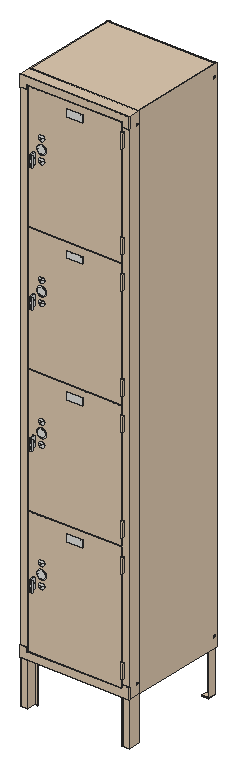
Revit family "Metal_Vented_Lockers-Salsbury_Industries-84000_Series-1_Wide_Units", category Specialty Equipment, Revit 2016
Family settings
  Part Type = Normal
  Round Connector Dimension = Use Diameter
  OmniClass Number = 23.40.00.00
  OmniClass Title = Equipment and Furnishings
  Work Plane-Based = No
  Always vertical = Yes
  Cut with Voids When Loaded = No
  Shared = No
  Room Calculation Point = No
Parameters (values of type "84165 - with Standard 6" High Legs")
  Zee Base Corner - Right Side [instance] = Metal Locker Zee Base Corner : None
  Zee Base Corner - Left Side [instance] = Metal Locker Zee Base Corner : None
  Zee Base - Right Side [instance] = Metal Locker Zee Base-Right Side : None
  Zee Base - Left Side [instance] = Metal Locker Zee Base-Left Side : None
  Zee Base = Metal Locker Zee Base : None
  Width = 15.040"
  Version = "2.0 (02/28/18)"
  Vent Offset = if(Depth = 15.010", 3.500", if(Depth = 18.010", 3.750", 0.000"))  # 3.500"
  Vent Configuration Height = Vents : 6 foot high vents
  Vent Array Spacing = 1.187"
  Vent Array 2 = if(Depth = 15.010", 7, if(Depth = 18.010", 9, 0))  # 7
  Vent Array 1 = Vent Array 2 + 1  # 8
  Unit Height including Sloping Hood Only [instance] = 80.682"
  Unit Height = 72.000"
  URL = "www.lockers.com"
  Type Comments = "15\" Wide Vented Metal Locker - Four Tier"
  Total Door(s) Height [instance] = 69.81949"
  Sloping Top In-Line Filler - Right Side [instance] = Metal Locker Sloping Top Filler : None
  Sloping Top In-Line Filler - Left Side [instance] = Metal Locker Sloping Top Filler : None
  Sloping Top Corner Filler - Right Side [instance] = Metal Locker Sloping Corner Filler : None
  Sloping Top Corner Filler - Left Side [instance] = Metal Locker Sloping Corner Filler : None
  Sloping Hood Height = if(Depth = 15.010", 8.682", if(Depth = 18.010", 10.739", 0.000"))  # 8.682"
  Sloping Hood [instance] = Metal Locker Sloping Hood : None
  Right Side Base [instance] = Metal Locker Right Side Base : None
  Primary Structure Material [instance] = Paint - Salsbury Finish - Tan
  Overall Width including Rivets [instance] = 15.120"
  Unit Height including Base Only [instance] = 78.000"
  Overall Unit Height (including Base and Sloping Hood) [instance] = 86.682"
  OmniClass 23 Title = "Equipment and Furnishings"
  OmniClass 23 Number = "23.40.00.00"
  Model = "84165"
  MasterFormat Title = "Lockers"
  MasterFormat Number = "10 51 13"
  Manufacturer = "Salsbury Industries"
  Left Side Base [instance] = Metal Locker Left Side Base : None
  Individual Door Height = 17.360"
  Hasp Plate Rivet Material = Steel -Salsbury Finish - Polished Steel
  Hasp Handle Material = Plastic - Salsbury Finish - Black
  Front Vertical Filler - Right [instance] = Metal Locker Front Filler : None
  Front Vertical Filler - Left [instance] = Metal Locker Front Filler : None
  Front Base [instance] = Metal Locker Front Base : None
  Flat Top In-Line Filler - Right Side [instance] = Metal Locker Flat Top Filler : None
  Flat Top In-Line Filler - Left Side [instance] = Metal Locker Flat Top Filler : None
  Flat Top Corner Filler - Right Side [instance] = Metal Locker Flat Corner Filler : None
  Flat Top Corner Filler - Left Side [instance] = Metal Locker Flat Corner Filler : None
  Individual Door Width [instance] = 12.90055"
  End Panel - Right Side [instance] = Metal Locker End Panel : None
  End Panel - Left Side [instance] = Metal Locker End Panel : None
  Door Location D1 = Vented Metal Locker Doors-15 inch with Latch Hasp : Four Tier Door - 6 foot
  Description = "1 Wide - 6 Feet High - 15 Inches Deep"
  Depth = 15.010"
  Compartment Divider Height = Individual Door Height - 0.375"  # 16.985"
  Base Height = 6.000"
  Standard Leg Base = Metal Locker Legs : 6" High - 15"W x 15"D
  Assembly Code = "C1030310"
Reference planes (in)
  plane 1 "Center (Front/Back)": y = 0
  plane 2: z = 0
  plane 3 "Center (Left/Right)": x = 0
  plane 4 "Floor": z = 0
  plane 5 "Bottom of Unit": z = 6
  plane 6 "Top of Unit": z = 78
  plane 7 "Left Side of Unit": x = -7.52
  plane 8 "Right Side of Unit": x = 7.52
  plane 9 "Back of Unit": y = 7.505
  plane 10 "Front of Unit": y = -7.505
  plane 11 "Top of Sloping Hood": z = 86.682
  plane 12 "Left Rivet": x = -7.56
  plane 13 "Right Rivet": x = 7.56
  plane 14 "Right Side of Door Opening": x = 6.52
  plane 15 "Left Side of Door Opening": x = -6.52
  plane 16 "Top of Door Opening": z = 77
  plane 17 "Bottom of Door Opening": z = 7
  plane 18 "Back Edge of Front Facing": y = -5.917
  plane 19 "Front Plate Plane": y = -7.565
  plane 20 "Horizontal Center of Top Rivets": z = 76.5
  plane 21 "Horiz Center of Bottom Rivets": z = 7.5
  plane 22 "Vertical Center of Back Rivets": y = 7.005
  plane 23 "Vertical Center of Front Rivets": y = -6.255
  plane 24 "Right Align Top Filler Overlap": x = 6.935
  plane 25 "Left Align Top Filler Overlap": x = -6.935
  plane 26 "Corner Filler Align-Left": x = -7.58
  plane 27 "Corner Filler Align-Right": x = 7.58
  plane 28 "Left Side of Door": x = -6.45029
  plane 29 "Right Side of Door": x = 6.45026
  plane 30 "Top of Door 1": z = 76.90976
  plane 31 "Bottom of Bottom Door": z = 7.09027
  plane 32 "Zee Base Offset": x = -7.169
  plane 33: x = 7.169
  plane 34 "Compartment Align 3": z = 24.985
  plane 35: x = -7.46
  plane 36: x = 7.46
  plane 37: x = -7.135
  plane 38: x = 7.135
  plane 39: y = 7.445
  plane 40: y = 7.395
  plane 41: y = 6.645
  plane 42: x = -7.4
  plane 43: x = 7.4
  plane 44: x = -6.595
  plane 45: x = 6.595
  plane 46: z = 77.94
  plane 47: z = 24.925
  plane 48: z = 23.985
  plane 49: z = 6.9204
  plane 50: z = 6.18539
  plane 51: z = 76.40796
  plane 52: z = 7.59204
  plane 53: z = 23.985
  plane 54: z = 24.45027
  plane 55: z = 24.57576
  plane 56: z = 41.93576
  plane 57: z = 42.06276
  plane 58: z = 41.43527
  plane 59: z = 42.37527
  plane 60 "Compartment Align 2": z = 42.43527
  plane 61: z = 53.72076
  plane 62: z = 59.42276
  plane 63: z = 59.54976
  plane 64: z = 58.92076
  plane 65: z = 59.86076
  plane 66 "Compartment Align 1": z = 59.92076
  plane 67: z = 71.20625
  plane 68 "Front Vent Align": y = -4.005
  plane 69: y = -3.635
  plane 70: y = -3.041
  plane 71 "Top Vent Align": z = 73.562
  plane 72: z = 72.81
  plane 73: z = 71.97
Forms (in)
  Sweep 1, solid, material "Paint - Salsbury Finish - Tan" <- "Primary Structure Material"
    path origin (0, -7.505, 0) x (1, 0, 0) y (0, 0, 1)
      loop
        line (-7.52, 78) -> (-7.52, 6) -> (7.52, 6) -> (7.52, 78) -> (-7.52, 78)
    profile origin (0, -7.505, 78) x (0, 0, 1) y (0, -1, 0)
      loop
        line (0, 0) -> (-1, 0) -> (-1, -1.588) -> (0, -1.588) -> (0, 0)
  Extrusion 2, solid, material "Paint - Salsbury Finish - Tan" <- "Primary Structure Material"
    sketch origin (0, 0, 6) x (0, -1, 0) y (1, 0, 0)
      loop
        line (5.917, 7.52) -> (-7.505, 7.52) -> (-7.505, 7.135) -> (-7.445, 7.135) -> (-7.445, 7.46) -> (5.917, 7.46) -> (5.917, 7.52)
    from 0 to 72
  Extrusion 3, solid, material "Paint - Salsbury Finish - Tan" <- "Primary Structure Material"
    sketch origin (0, 0, 6) x (0, -1, 0) y (1, 0, 0)
      loop
        line (5.917, -7.52) -> (5.917, -7.46) -> (-7.445, -7.46) -> (-7.445, -7.135) -> (-7.505, -7.135) -> (-7.505, -7.52) -> (5.917, -7.52)
    from 0 to 72
  Extrusion 4, solid, material "Paint - Salsbury Finish - Tan" <- "Primary Structure Material"
    sketch origin (0, 0, 6) x (0, -1, 0) y (1, 0, 0)
      loop
        line (-7.445, -7.46) -> (-6.645, -7.46) -> (-6.645, -7.4) -> (-7.395, -7.4) -> (-7.395, 7.4) -> (-6.645, 7.4) -> (-6.645, 7.46) -> (-7.445, 7.46) -> (-7.445, -7.46)
    from 0 to 72
  Sweep 5, solid, material "Paint - Salsbury Finish - Tan" <- "Primary Structure Material"
    path origin (0, 0, 7) x (0, -1, 0) y (1, 0, 0)
      loop
        line (5.917, -7.46) -> (5.917, 7.46) -> (-6.645, 7.46) -> (-6.645, 7.4) -> (-7.395, 7.4) -> (-7.395, -7.4) -> (-6.645, -7.4) -> (-6.645, -7.46) -> (5.917, -7.46)
    profile origin (-7.46, 0.364, 7) x (-1, 0, 0) y (0, 0, 1)
      loop
        line (0, -0.81461) -> (0, -0.0796) -> (-0.06, -0.0796) -> (-0.06, -0.81461) -> (0, -0.81461)
  Extrusion 6, solid, material "Paint - Salsbury Finish - Tan" <- "Primary Structure Material"
    sketch origin (0, 0, 7) x (0, -1, 0) y (1, 0, 0)
      loop
        line (-7.395, -7.4) -> (-6.645, -7.4) -> (-6.645, -7.46) -> (5.917, -7.46) -> (5.917, 7.46) -> (-6.645, 7.46) -> (-6.645, 7.4) -> (-7.395, 7.4) -> (-7.395, -7.4)
    from -0.0796 to 0
  Extrusion 7, solid, material "Paint - Salsbury Finish - Tan" <- "Primary Structure Material"
    sketch origin (0, 0, 78) x (0, -1, 0) y (1, 0, 0)
      loop
        line (-7.395, -7.4) -> (-6.645, -7.4) -> (-6.645, -7.46) -> (5.917, -7.46) -> (5.917, 7.46) -> (-6.645, 7.46) -> (-6.645, 7.4) -> (-7.395, 7.4) -> (-7.395, -7.4)
    from -0.06 to 0
  Extrusion 8, solid, material "Paint - Salsbury Finish - Tan" <- "Primary Structure Material"
    sketch origin (0, -7.565, 0) x (0, 0, -1) y (1, 0, 0)
      loop
        line (-78, -7.52) -> (-76.47656, -7.52)
        arc (-76.47656, -7.52) -> (-76.42806, -7.49991) -> (-76.40796, -7.4514) r 0.0686
        line (-76.40796, -7.4514) -> (-76.40796, -6.66351)
        arc (-76.40796, -6.66351) -> (-76.42809, -6.61506) -> (-76.47656, -6.595) r 0.0686
        line (-76.47656, -6.595) -> (-77, -6.595) -> (-77, 6.595) -> (-76.47656, 6.595)
        arc (-76.47656, 6.595) -> (-76.42809, 6.61506) -> (-76.40796, 6.66351) r 0.0686
        line (-76.40796, 6.66351) -> (-76.40796, 7.4514)
        arc (-76.40796, 7.4514) -> (-76.42806, 7.49991) -> (-76.47656, 7.52) r 0.0686
        line (-76.47656, 7.52) -> (-78, 7.52) -> (-78, -7.52)
    from -0.06 to 0
  Extrusion 9, solid, material "Paint - Salsbury Finish - Tan" <- "Primary Structure Material"
    sketch origin (0, -7.565, 84) x (0, 0, 1) y (-1, 0, 0)
      loop
        line (-78, 7.52) -> (-78, -7.52) -> (-76.47656, -7.52)
        arc (-76.47656, -7.52) -> (-76.42806, -7.49991) -> (-76.40796, -7.4514) r 0.0686
        line (-76.40796, -7.4514) -> (-76.40796, -6.66351)
        arc (-76.40796, -6.66351) -> (-76.42809, -6.61506) -> (-76.47656, -6.595) r 0.0686
        line (-76.47656, -6.595) -> (-77, -6.595) -> (-77, 6.595) -> (-76.47656, 6.595)
        arc (-76.47656, 6.595) -> (-76.42809, 6.61506) -> (-76.40796, 6.66351) r 0.0686
        line (-76.40796, 6.66351) -> (-76.40796, 7.4514)
        arc (-76.40796, 7.4514) -> (-76.42806, 7.49991) -> (-76.47656, 7.52) r 0.0686
        line (-76.47656, 7.52) -> (-78, 7.52)
    from -0.06 to 0
  Blend 10, solid, material "Steel -Salsbury Finish - Polished Steel" <- "Hasp Plate Rivet Material"
    base sketch origin (7.52, 0, 0) x (0, 0, -1) y (0, -1, 0)
      loop
        circle (-76.5, 6.255) r 0.187
    top sketch origin (7.52, 0, 0) x (0, 0, -1) y (0, -1, 0)
      loop
        circle (-76.5, 6.255) r 0.05319
    from 0 to -0.04
  Blend 11, solid, material "Steel -Salsbury Finish - Polished Steel" <- "Hasp Plate Rivet Material"
    base sketch origin (7.52, 0, -69) x (0, 0, -1) y (0, -1, 0)
      loop
        circle (-76.5, 6.255) r 0.187
    top sketch origin (7.52, 0, -69) x (0, 0, -1) y (0, -1, 0)
      loop
        circle (-76.5, 6.255) r 0.05319
    from 0 to -0.04
  Blend 12, solid, material "Steel -Salsbury Finish - Polished Steel" <- "Hasp Plate Rivet Material"
    base sketch origin (7.52, 10.26, -69) x (0, 0, -1) y (0, -1, 0)
      loop
        circle (-76.5, 3.255) r 0.187
    top sketch origin (7.52, 10.26, -69) x (0, 0, -1) y (0, -1, 0)
      loop
        circle (-76.5, 3.255) r 0.05319
    from 0 to -0.04
  Blend 13, solid, material "Steel -Salsbury Finish - Polished Steel" <- "Hasp Plate Rivet Material"
    base sketch origin (7.52, 10.26, 0.0043) x (0, 0, -1) y (0, -1, 0)
      loop
        circle (-76.5, 3.255) r 0.187
    top sketch origin (7.52, 10.26, 0.0043) x (0, 0, -1) y (0, -1, 0)
      loop
        circle (-76.5, 3.255) r 0.05319
    from 0 to -0.04
  Blend 14, solid, material "Steel -Salsbury Finish - Polished Steel" <- "Hasp Plate Rivet Material"
    base sketch origin (-6.02, 0, -69) x (0, 0, -1) y (0, 1, 0)
      loop
        circle (-76.5, -6.255) r 0.187
    top sketch origin (-6.02, 0, -69) x (0, 0, -1) y (0, 1, 0)
      loop
        circle (-76.5, -6.255) r 0.05319
    from -1.5 to -1.54
  Blend 15, solid, material "Steel -Salsbury Finish - Polished Steel" <- "Hasp Plate Rivet Material"
    base sketch origin (-6.02, 10.26, -69) x (0, 0, -1) y (0, 1, 0)
      loop
        circle (-76.5, -3.255) r 0.187
    top sketch origin (-6.02, 10.26, -69) x (0, 0, -1) y (0, 1, 0)
      loop
        circle (-76.5, -3.255) r 0.05319
    from -1.5 to -1.54
  Blend 16, solid, material "Steel -Salsbury Finish - Polished Steel" <- "Hasp Plate Rivet Material"
    base sketch origin (-6.02, 0, 0) x (0, 0, -1) y (0, 1, 0)
      loop
        circle (-76.5, -6.255) r 0.187
    top sketch origin (-6.02, 0, 0) x (0, 0, -1) y (0, 1, 0)
      loop
        circle (-76.5, -6.255) r 0.05319
    from -1.5 to -1.54
  Blend 17, solid, material "Steel -Salsbury Finish - Polished Steel" <- "Hasp Plate Rivet Material"
    base sketch origin (-6.02, 10.26, 0.00039) x (0, 0, -1) y (0, 1, 0)
      loop
        circle (-76.5, -3.255) r 0.187
    top sketch origin (-6.02, 10.26, 0.00039) x (0, 0, -1) y (0, 1, 0)
      loop
        circle (-76.5, -3.255) r 0.05319
    from -1.5 to -1.54
  Extrusion 18, solid, material "Paint - Salsbury Finish - Tan" <- "Primary Structure Material"
    sketch origin (0, 0, 24.985) x (0, -1, 0) y (1, 0, 0)
      loop
        line (-7.395, -7.4) -> (-6.645, -7.4) -> (-6.645, -7.46) -> (5.917, -7.46) -> (5.917, 7.46) -> (-6.645, 7.46) -> (-6.645, 7.4) -> (-7.395, 7.4) -> (-7.395, -7.4)
    from -0.06 to 0
  Sweep 19, solid, material "Paint - Salsbury Finish - Tan" <- "Primary Structure Material"
    path origin (0, 0, 24.985) x (0, -1, 0) y (1, 0, 0)
      loop
        line (5.917, -7.46) -> (5.917, 7.46) -> (-6.645, 7.46) -> (-6.645, 7.4) -> (-7.395, 7.4) -> (-7.395, -7.4) -> (-6.645, -7.4) -> (-6.645, -7.46) -> (5.917, -7.46)
    profile origin (-7.46, 0.364, 24.985) x (-1, 0, 0) y (0, 0, 1)
      loop
        line (0, -1) -> (0, -0.06) -> (-0.06, -0.06) -> (-0.06, -1) -> (0, -1)
  Extrusion 20, solid, material "Paint - Salsbury Finish - Tan" <- "Primary Structure Material"
    sketch origin (0, 0, 54.72076) x (0, -1, 0) y (1, 0, 0)
      loop
        line (-7.395, -7.4) -> (-6.645, -7.4) -> (-6.645, -7.46) -> (5.917, -7.46) -> (5.917, 7.46) -> (-6.645, 7.46) -> (-6.645, 7.4) -> (-7.395, 7.4) -> (-7.395, -7.4)
    from -12.34549 to -12.28549
  Sweep 21, solid, material "Paint - Salsbury Finish - Tan" <- "Primary Structure Material"
    path origin (0, 0, 42.43527) x (0, -1, 0) y (1, 0, 0)
      loop
        line (5.917, -7.46) -> (5.917, 7.46) -> (-6.645, 7.46) -> (-6.645, 7.4) -> (-7.395, 7.4) -> (-7.395, -7.4) -> (-6.645, -7.4) -> (-6.645, -7.46) -> (5.917, -7.46)
    profile origin (-7.46, 0.364, 42.43527) x (-1, 0, 0) y (0, 0, 1)
      loop
        line (0, -1) -> (0, -0.06) -> (-0.06, -0.06) -> (-0.06, -1) -> (0, -1)
  Extrusion 22, solid, material "Paint - Salsbury Finish - Tan" <- "Primary Structure Material"
    sketch origin (0, 0, 59.92076) x (0, -1, 0) y (1, 0, 0)
      loop
        line (-7.395, -7.4) -> (-6.645, -7.4) -> (-6.645, -7.46) -> (5.917, -7.46) -> (5.917, 7.46) -> (-6.645, 7.46) -> (-6.645, 7.4) -> (-7.395, 7.4) -> (-7.395, -7.4)
    from -0.06 to 0
  Sweep 23, solid, material "Paint - Salsbury Finish - Tan" <- "Primary Structure Material"
    path origin (0, 0, 59.92076) x (0, -1, 0) y (1, 0, 0)
      loop
        line (5.917, -7.46) -> (5.917, 7.46) -> (-6.645, 7.46) -> (-6.645, 7.4) -> (-7.395, 7.4) -> (-7.395, -7.4) -> (-6.645, -7.4) -> (-6.645, -7.46) -> (5.917, -7.46)
    profile origin (-7.46, 0.364, 59.92076) x (-1, 0, 0) y (0, 0, 1)
      loop
        line (0, -1) -> (0, -0.06) -> (-0.06, -0.06) -> (-0.06, -1) -> (0, -1)
Lines and regions (in)
  reference lines
    curve 1: line (-31.09242, -7.565, 78) -> (37.65758, -7.565, 78)
  symbolic lines
    curve 2: line (-7.52, 7.505, 78) -> (7.52, 7.505, 78)
    curve 3: line (-7.52, -7.565, 78) -> (-7.52, 7.505, 78)
    curve 4: line (7.52, -7.565, 78) -> (-7.52, -7.565, 78)
    curve 5: line (7.52, 7.505, 78) -> (7.52, -7.565, 78)
    curve 6: line (-7.56, -6.30819, 78) -> (-7.52, -6.44215, 78)
    curve 7: line (-7.52, -6.06646, 78) -> (-7.56, -6.20181, 78)
    curve 8: line (-7.56, -6.30819, 78) -> (-7.56, -6.20181, 78)
    curve 9: line (-7.56, 6.95181, 78) -> (-7.52, 6.83564, 78)
    curve 10: line (-7.56, 7.05819, 78) -> (-7.52, 7.18902, 78)
    curve 11: line (-7.56, 7.05819, 78) -> (-7.56, 6.95181, 78)
    curve 12: line (7.56, 7.05819, 78) -> (7.52, 7.20747, 78)
    curve 13: line (7.56, 6.95181, 78) -> (7.52, 6.8179, 78)
    curve 14: line (7.56, 7.05819, 78) -> (7.56, 6.95181, 78)
    curve 15: line (7.56, -6.20181, 78) -> (7.52, -6.07098, 78)
    curve 16: line (7.56, -6.30819, 78) -> (7.52, -6.44769, 78)
    curve 17: line (7.56, -6.20181, 78) -> (7.56, -6.30819, 78)
Dimensions and locks (in)
  equal spacing: plane 7 "Left Side of Unit", plane 3 "Center (Left/Right)", plane 8 "Right Side of Unit"
  "Width": plane 7 "Left Side of Unit" to plane 8 "Right Side of Unit"
  "Base Height": plane 5 "Bottom of Unit" to plane 4 "Floor"
  "Unit Height": plane 6 "Top of Unit" to plane 5 "Bottom of Unit"
  "Unit Height including Base Only": plane 6 "Top of Unit" to plane 4 "Floor"
  equal spacing: plane 10 "Front of Unit", plane 1 "Center (Front/Back)", plane 9 "Back of Unit"
  "Depth": plane 10 "Front of Unit" to plane 9 "Back of Unit"
  "Sloping Hood Height": plane 11 "Top of Sloping Hood" to plane 6 "Top of Unit"
  "Overall Unit Height (including Base and Sloping Hood)": plane 11 "Top of Sloping Hood" to plane 4 "Floor"
  locked: plane 12 "Left Rivet" to plane 7 "Left Side of Unit" at 0.04
  locked: plane 8 "Right Side of Unit" to plane 13 "Right Rivet" at 0.04
  "Overall Width including Rivets": plane 12 "Left Rivet" to plane 13 "Right Rivet"
  plane 6 "Top of Unit" to plane 16 "Top of Door Opening" to plane 30 "Top of Door 1" to plane 51 = 1.000" locked, 0.09024", 0.5018"
  plane 52 to plane 31 "Bottom of Bottom Door" to plane 17 "Bottom of Door Opening" to plane 5 "Bottom of Unit" = 0.50177", 0.09027", 1.000" locked
  plane 7 "Left Side of Unit" to plane 15 "Left Side of Door Opening" to plane 28 "Left Side of Door" = 1.000" locked, 0.06971"
  plane 29 "Right Side of Door" to plane 14 "Right Side of Door Opening" to plane 8 "Right Side of Unit" = 0.06974", 1.000" locked
  plane 19 "Front Plate Plane" to plane 10 "Front of Unit" to plane 18 "Back Edge of Front Facing" = 0.060" locked, 1.588" locked
  "Unit Height including Sloping Hood Only": plane 11 "Top of Sloping Hood" to plane 5 "Bottom of Unit"
  locked: plane 20 "Horizontal Center of Top Rivets" to plane 6 "Top of Unit" at 1.5
  locked: plane 5 "Bottom of Unit" to plane 21 "Horiz Center of Bottom Rivets" at 1.5
  locked: plane 22 "Vertical Center of Back Rivets" to plane 9 "Back of Unit" at 0.5
  locked: plane 10 "Front of Unit" to plane 23 "Vertical Center of Front Rivets" at 1.25
  locked: plane 24 "Right Align Top Filler Overlap" to plane 13 "Right Rivet" at 0.625
  locked: plane 12 "Left Rivet" to plane 25 "Left Align Top Filler Overlap" at 0.625
  locked: plane 8 "Right Side of Unit" to plane 27 "Corner Filler Align-Right" at 0.06
  locked: plane 26 "Corner Filler Align-Left" to plane 7 "Left Side of Unit" at 0.06
  "Individual Door Width": plane 28 "Left Side of Door" to plane 29 "Right Side of Door"
  "Total Door(s) Height": plane 30 "Top of Door 1" to plane 31 "Bottom of Bottom Door"
  plane 7 "Left Side of Unit" to plane 32 "Zee Base Offset" = 0.351"
  plane 33 to plane 8 "Right Side of Unit" = 0.351"
  plane 34 "Compartment Align 3" to plane 47 to plane 53 = 0.060" locked, 0.940" locked
  plane 7 "Left Side of Unit" to plane 35 to plane 42 to plane 37 = 0.060" locked, 0.060" locked, 0.265" locked
  plane 38 to plane 43 to plane 36 to plane 8 "Right Side of Unit" = 0.265" locked, 0.060", 0.060"
  plane 41 to plane 40 to plane 39 to plane 9 "Back of Unit" = 0.750" locked, 0.050", 0.060"
  locked: plane 7 "Left Side of Unit" to plane 44 at 0.925
  locked: plane 45 to plane 8 "Right Side of Unit" at 0.925
  locked: plane 6 "Top of Unit" to plane 46 at 0.06
  plane 47 to plane 48 = 0.940"
  locked: plane 17 "Bottom of Door Opening" to plane 49 at 0.0796
  plane 49 to plane 50 = 0.73501"
  "Compartment Divider Height": plane 53 to plane 17 "Bottom of Door Opening"
  "Individual Door Height": plane 54 to plane 31 "Bottom of Bottom Door"
  locked: plane 55 to plane 54 at 0.12549
  locked: plane 57 to plane 56 at 0.127
  "Individual Door Height": plane 56 to plane 55
  plane 60 "Compartment Align 2" to plane 59 to plane 58 = 0.060" locked, 0.940" locked
  locked: plane 63 to plane 62 at 0.127
  "Individual Door Height": plane 62 to plane 57
  "Compartment Divider Height": plane 58 to plane 54
  "Compartment Divider Height": plane 64 to plane 56
  plane 66 "Compartment Align 1" to plane 65 to plane 64 = 0.060", 0.940"
  plane 71 "Top Vent Align" to plane 6 "Top of Unit" = 4.438"
  plane 73 to plane 72 to plane 71 "Top Vent Align" = 0.840", 0.752"
  "Vent Offset": plane 10 "Front of Unit" to plane 68 "Front Vent Align"
  plane 68 "Front Vent Align" to plane 69 to plane 70 = 0.370" locked, 0.594" locked
  equal spacing: group 1, group 2, group 3, group 4, group 5, group 6, group 23, group 24  (x3)
  equal spacing: group 7, group 8, group 9, group 10, group 11, group 25, group 26  (x3)
  "Vent Array Spacing": nested 27 to nested 29
  "Vent Array Spacing": nested 28 to nested 34
  equal spacing: group 12, group 13, group 14, group 15, group 16, group 22, group 27, group 28  (x3)
  equal spacing: group 17, group 18, group 19, group 20, group 21, group 29, group 30  (x3)
  "Vent Array Spacing": nested 40 to nested 38
  "Vent Array Spacing": nested 44 to nested 39
  aligned and locked: level to plane 2
  aligned and locked: Extrusion 2 to plane 6 "Top of Unit"
  aligned and locked: Extrusion 3 to plane 6 "Top of Unit"
  aligned and locked: Extrusion 4 to plane 6 "Top of Unit"
  aligned and locked: Extrusion 8 to plane 10 "Front of Unit"
  aligned and locked: Extrusion 9 to plane 10 "Front of Unit"
  aligned and locked: Extrusion 6 to plane 17 "Bottom of Door Opening"
  aligned and locked: plane 4 "Floor" to nested 2
  aligned and locked: plane 5 "Bottom of Unit" to Extrusion 9
  aligned and locked: plane 8 "Right Side of Unit" to nested 6
  aligned and locked: plane 7 "Left Side of Unit" to nested 7
  aligned and locked: Blend 10 to plane 13 "Right Rivet"
  aligned and locked: plane 8 "Right Side of Unit" to Blend 10
  aligned and locked: Blend 15 to plane 7 "Left Side of Unit"
  aligned and locked: Blend 14 to plane 7 "Left Side of Unit"  (x2)
  aligned and locked: plane 12 "Left Rivet" to Blend 14
  aligned and locked: plane 12 "Left Rivet" to Blend 15
  aligned and locked: Blend 14 to plane 12 "Left Rivet"
  aligned and locked: Blend 17 to plane 7 "Left Side of Unit"
  aligned and locked: plane 12 "Left Rivet" to Blend 17
  aligned and locked: Blend 16 to plane 7 "Left Side of Unit"
  aligned and locked: plane 12 "Left Rivet" to Blend 16
  aligned and locked: plane 5 "Bottom of Unit" to nested 10
  aligned and locked: plane 13 "Right Rivet" to nested 10
  aligned and locked: plane 12 "Left Rivet" to nested 11
  aligned and locked: nested 11 to plane 10 "Front of Unit"
  aligned and locked: plane 13 "Right Rivet" to nested 12
  aligned and locked: plane 10 "Front of Unit" to nested 12
  aligned and locked: plane 6 "Top of Unit" to nested 12
  aligned and locked: plane 12 "Left Rivet" to nested 13
  aligned and locked: plane 10 "Front of Unit" to nested 13
  aligned and locked: plane 6 "Top of Unit" to nested 13
  aligned and locked: plane 6 "Top of Unit" to nested 14
  aligned and locked: nested 14 to plane 19 "Front Plate Plane"
  aligned and locked: nested 14 to plane 24 "Right Align Top Filler Overlap"
  aligned and locked: nested 15 to plane 25 "Left Align Top Filler Overlap"
  aligned and locked: nested 15 to plane 19 "Front Plate Plane"
  aligned and locked: nested 10 to nested 15
  aligned and locked: plane 19 "Front Plate Plane" to nested 16
  aligned and locked: plane 6 "Top of Unit" to nested 16
  aligned and locked: nested 17 to plane 6 "Top of Unit"
  aligned and locked: nested 17 to plane 19 "Front Plate Plane"
  aligned and locked: plane 19 "Front Plate Plane" to nested 18
  aligned and locked: nested 19 to plane 24 "Right Align Top Filler Overlap"
  aligned and locked: nested 19 to plane 19 "Front Plate Plane"
  aligned and locked: plane 16 "Top of Door Opening" to nested 19
  aligned and locked: nested 20 to plane 16 "Top of Door Opening"
  aligned and locked: nested 20 to plane 25 "Left Align Top Filler Overlap"
  aligned and locked: nested 20 to plane 19 "Front Plate Plane"
  aligned and locked: nested 11 to plane 6 "Top of Unit"
  aligned and locked: plane 10 "Front of Unit" to nested 10
  aligned and locked: plane 10 "Front of Unit" to nested 23
  aligned and locked: plane 10 "Front of Unit" to nested 1
  aligned and locked: plane 10 "Front of Unit" to nested 2
  aligned and locked: plane 6 "Top of Unit" to nested 18
  aligned and locked: plane 7 "Left Side of Unit" to nested 17
  aligned and locked: plane 32 "Zee Base Offset" to nested 9
  aligned and locked: plane 18 "Back Edge of Front Facing" to nested 9
  aligned and locked: nested 8 to plane 18 "Back Edge of Front Facing"
  aligned and locked: plane 33 to nested 8
  aligned and locked: nested 22 to curve 1
  aligned and locked: nested 21 to curve 1
  aligned and locked: Sweep 19 sketch curve to Extrusion 18
  aligned and locked: plane 7 "Left Side of Unit" to Extrusion 3
  aligned and locked: Extrusion 3 to plane 9 "Back of Unit"
  aligned and locked: Extrusion 2 to plane 8 "Right Side of Unit"
  aligned and locked: Extrusion 2 to plane 9 "Back of Unit"
  aligned and locked: plane 18 "Back Edge of Front Facing" to Extrusion 3
  aligned and locked: plane 18 "Back Edge of Front Facing" to Extrusion 2
  aligned and locked: plane 35 to Extrusion 3
  aligned and locked: Extrusion 2 to plane 36
  aligned and locked: plane 37 to Extrusion 3
  aligned and locked: plane 38 to Extrusion 2
  aligned and locked: Extrusion 3 to plane 39
  aligned and locked: plane 39 to Extrusion 2
  aligned and locked: Extrusion 4 to plane 39
  aligned and locked: Extrusion 4 to plane 40
  aligned and locked: Extrusion 4 to plane 35
  aligned and locked: Extrusion 4 to plane 41
  aligned and locked: plane 41 to Extrusion 4
  aligned and locked: plane 42 to Extrusion 4
  aligned and locked: plane 43 to Extrusion 4
  aligned and locked: Extrusion 7 to plane 40
  aligned and locked: plane 42 to Extrusion 7
  aligned and locked: plane 35 to Extrusion 7  (x2)
  aligned and locked: plane 41 to Extrusion 7
  aligned and locked: Extrusion 7 to plane 43
  aligned and locked: Extrusion 7 to plane 41
  aligned and locked: Extrusion 7 to plane 36  (x2)
  aligned and locked: plane 18 "Back Edge of Front Facing" to Extrusion 7
  aligned and locked: plane 18 "Back Edge of Front Facing" to Extrusion 6
  aligned and locked: Extrusion 6 to plane 40
  aligned and locked: Extrusion 6 to plane 43
  aligned and locked: Extrusion 6 to plane 41
  aligned and locked: Extrusion 6 to plane 36
  aligned and locked: plane 42 to Extrusion 6
  aligned and locked: plane 41 to Extrusion 6
  aligned and locked: plane 35 to Extrusion 6
  aligned and locked: Sweep 5 to plane 40
  aligned and locked: Sweep 5 to plane 41
  aligned and locked: Sweep 5 to plane 43
  aligned and locked: Sweep 5 to plane 36
  aligned and locked: plane 18 "Back Edge of Front Facing" to Sweep 5
  aligned and locked: plane 35 to Sweep 5
  aligned and locked: plane 41 to Sweep 5
  aligned and locked: plane 42 to Sweep 5
  aligned and locked: Sweep 5 sketch curve to plane 42
  aligned and locked: Sweep 5 sketch curve to plane 40
  aligned and locked: Sweep 5 sketch curve to plane 41
  aligned and locked: Sweep 5 sketch curve to plane 35  (x2)
  aligned and locked: plane 43 to Sweep 5 sketch curve
  aligned and locked: plane 41 to Sweep 5 sketch curve
  aligned and locked: plane 36 to Sweep 5 sketch curve
  aligned and locked: Sweep 5 sketch curve to plane 18 "Back Edge of Front Facing"
  aligned and locked: Extrusion 18 to plane 40
  aligned and locked: Extrusion 18 to plane 43
  aligned and locked: Extrusion 18 to plane 41
  aligned and locked: Extrusion 18 to plane 36
  aligned and locked: plane 18 "Back Edge of Front Facing" to Extrusion 18
  aligned and locked: plane 35 to Extrusion 18
  aligned and locked: plane 41 to Extrusion 18
  aligned and locked: plane 42 to Extrusion 18
  aligned and locked: Sweep 19 sketch curve to plane 40
  aligned and locked: plane 43 to Sweep 19 sketch curve
  aligned and locked: plane 41 to Sweep 19 sketch curve
  aligned and locked: plane 36 to Sweep 19 sketch curve
  aligned and locked: Sweep 19 sketch curve to plane 18 "Back Edge of Front Facing"
  aligned and locked: Sweep 19 sketch curve to plane 35  (x2)
  aligned and locked: Sweep 19 sketch curve to plane 41
  aligned and locked: Sweep 19 sketch curve to plane 42
  aligned and locked: plane 6 "Top of Unit" to Sweep 1 sketch curve  (x2)
  aligned and locked: Sweep 1 sketch curve to plane 7 "Left Side of Unit"
  aligned and locked: plane 8 "Right Side of Unit" to Sweep 1 sketch curve
  aligned and locked: Sweep 1 sketch curve to plane 5 "Bottom of Unit"
  aligned and locked: plane 10 "Front of Unit" to Sweep 1
  aligned and locked: Extrusion 8 to plane 19 "Front Plate Plane"
  aligned and locked: plane 10 "Front of Unit" to Extrusion 8
  aligned and locked: Extrusion 8 to plane 8 "Right Side of Unit"
  aligned and locked: plane 7 "Left Side of Unit" to Extrusion 8
  aligned and locked: plane 7 "Left Side of Unit" to Extrusion 9
  aligned and locked: plane 19 "Front Plate Plane" to Extrusion 9
  aligned and locked: Extrusion 9 to plane 8 "Right Side of Unit"
  aligned and locked: plane 44 to Extrusion 9
  aligned and locked: plane 45 to Extrusion 9
  aligned and locked: plane 45 to Extrusion 8
  aligned and locked: Extrusion 8 to plane 44
  aligned and locked: plane 29 "Right Side of Door" to nested 23
  aligned and locked: plane 18 "Back Edge of Front Facing" to Sweep 1 sketch curve
  aligned and locked: Sweep 1 sketch curve to plane 16 "Top of Door Opening"
  aligned and locked: Sweep 1 sketch curve to plane 10 "Front of Unit"
  aligned and locked: plane 5 "Bottom of Unit" to Extrusion 4
  aligned and locked: Extrusion 4 to plane 36
  aligned and locked: plane 5 "Bottom of Unit" to Extrusion 3
  aligned and locked: plane 5 "Bottom of Unit" to Extrusion 2
  aligned and locked: Extrusion 7 to plane 6 "Top of Unit"
  aligned and locked: plane 46 to Extrusion 7
  aligned and locked: Extrusion 18 to plane 34 "Compartment Align 3"
  aligned and locked: plane 47 to Extrusion 18
  aligned and locked: plane 42 to Sweep 19 sketch curve
  aligned and locked: plane 48 to Sweep 19 sketch curve
  aligned and locked: plane 49 to Extrusion 6
  aligned and locked: Sweep 5 to plane 49
  aligned and locked: plane 50 to Sweep 5 sketch curve
  aligned and locked: plane 49 to Sweep 5 sketch curve
  aligned and locked: plane 42 to Sweep 5 sketch curve
  aligned and locked: plane 51 to Extrusion 8  (x2)
  aligned and locked: Extrusion 8 to plane 6 "Top of Unit"
  aligned and locked: plane 16 "Top of Door Opening" to Extrusion 8
  aligned and locked: Extrusion 9 to plane 17 "Bottom of Door Opening"
  aligned and locked: plane 52 to Extrusion 9
  aligned and locked: Extrusion 9 to plane 52
  aligned and locked: plane 4 "Floor" to nested 1
  aligned and locked: plane 8 "Right Side of Unit" to nested 1
  aligned and locked: Blend 12 to plane 13 "Right Rivet"
  aligned and locked: plane 8 "Right Side of Unit" to Blend 12
  aligned and locked: plane 8 "Right Side of Unit" to Blend 13
  aligned and locked: Blend 13 to plane 13 "Right Rivet"
  aligned and locked: plane 8 "Right Side of Unit" to Blend 11
  aligned and locked: Blend 11 to plane 13 "Right Rivet"
  aligned and locked: curve 4 to Extrusion 8
  aligned and locked: curve 5 to Extrusion 8
  aligned and locked: curve 8 to Blend 14
  aligned and locked: curve 11 to Blend 15
  aligned and locked: curve 14 to Blend 12
  aligned and locked: curve 17 to Blend 10
  aligned and locked: plane 53 to Sweep 19
  aligned and locked: nested 23 to plane 31 "Bottom of Bottom Door"
  aligned and locked: plane 55 to nested 24
  aligned and locked: plane 10 "Front of Unit" to nested 24
  aligned and locked: plane 29 "Right Side of Door" to nested 24
  aligned and locked: plane 29 "Right Side of Door" to nested 25
  aligned and locked: nested 25 to plane 57
  aligned and locked: Sweep 21 sketch curve to Extrusion 20
  aligned and locked: Extrusion 20 to plane 60 "Compartment Align 2"
  aligned and locked: plane 59 to Sweep 21
  aligned and locked: Sweep 21 sketch curve to plane 58
  aligned and locked: Extrusion 20 sketch curve to plane 40
  aligned and locked: plane 35 to Extrusion 20 sketch curve
  aligned and locked: plane 42 to Extrusion 20 sketch curve
  aligned and locked: plane 41 to Extrusion 20 sketch curve
  aligned and locked: plane 18 "Back Edge of Front Facing" to Extrusion 20 sketch curve
  aligned and locked: Extrusion 20 sketch curve to plane 36
  aligned and locked: Extrusion 20 sketch curve to plane 43
  aligned and locked: Extrusion 20 sketch curve to plane 41
  aligned and locked: Sweep 21 sketch curve to plane 40
  aligned and locked: Sweep 21 sketch curve to plane 42
  aligned and locked: Sweep 21 sketch curve to plane 35
  aligned and locked: Sweep 21 sketch curve to plane 41
  aligned and locked: Sweep 21 sketch curve to plane 18 "Back Edge of Front Facing"
  aligned and locked: plane 36 to Sweep 21 sketch curve
  aligned and locked: plane 41 to Sweep 21 sketch curve
  aligned and locked: plane 43 to Sweep 21 sketch curve
  aligned and locked: plane 63 to nested 26
  aligned and locked: plane 65 to Extrusion 22
  aligned and locked: Extrusion 22 to plane 66 "Compartment Align 1"
  aligned and locked: Sweep 23 sketch curve to plane 64
  aligned and locked: plane 65 to Sweep 23 sketch curve
  aligned and locked: Sweep 23 sketch curve to plane 35
  aligned and locked: Sweep 23 sketch curve to plane 41
  aligned and locked: Sweep 23 sketch curve to plane 42
  aligned and locked: Sweep 23 sketch curve to plane 40
  aligned and locked: plane 43 to Sweep 23 sketch curve
  aligned and locked: plane 41 to Sweep 23 sketch curve
  aligned and locked: plane 36 to Sweep 23 sketch curve
  aligned and locked: Sweep 23 sketch curve to plane 18 "Back Edge of Front Facing"
  aligned and locked: Extrusion 22 to nested 5  (x2)
  aligned and locked: plane 41 to Extrusion 22
  aligned and locked: Extrusion 22 to Sweep 23  (x2)
  aligned and locked: plane 18 "Back Edge of Front Facing" to Extrusion 22
  aligned and locked: Extrusion 22 to plane 41
  aligned and locked: plane 29 "Right Side of Door" to nested 26
  aligned and locked: plane 10 "Front of Unit" to nested 26
  aligned and locked: plane 10 "Front of Unit" to nested 25
  aligned and locked: plane 9 "Back of Unit" to curve 2
  aligned and locked: nested 28 to plane 8 "Right Side of Unit"
  aligned and locked: nested 27 to plane 8 "Right Side of Unit"
  aligned and locked: nested 27 to plane 69
  aligned and locked: plane 73 to nested 27
  aligned and locked: plane 72 to nested 28
  aligned and locked: nested 28 to plane 70
  aligned and locked: nested 33 to plane 8 "Right Side of Unit"
  aligned and locked: nested 37 to plane 8 "Right Side of Unit"
  aligned and locked: plane 72 to nested 37
  aligned and locked: plane 73 to nested 33
  aligned and locked: nested 38 to plane 7 "Left Side of Unit"
  aligned and locked: nested 39 to plane 7 "Left Side of Unit"
  aligned and locked: plane 69 to nested 38
  aligned and locked: nested 38 to plane 73
  aligned and locked: plane 70 to nested 39
  aligned and locked: nested 39 to plane 72
  aligned and locked: nested 47 to plane 7 "Left Side of Unit"
  aligned and locked: nested 47 to plane 72
  aligned and locked: nested 48 to plane 73
  aligned and locked: curve 3 to plane 7 "Left Side of Unit"
  aligned and locked: nested 22 to plane 7 "Left Side of Unit"
  aligned and locked: plane 8 "Right Side of Unit" to nested 21
  aligned and locked: plane 8 "Right Side of Unit" to nested 16
  aligned and locked: nested 3 to plane 8 "Right Side of Unit"
  aligned and locked: plane 7 "Left Side of Unit" to nested 4
  aligned and locked: plane 4 "Floor" to nested 5
  aligned and locked: nested 2 to plane 14 "Right Side of Door Opening"
  aligned and locked: nested 54 to plane 7 "Left Side of Unit"
Automatic sketch dimensions
  Extrusion 2 sketch curve to plane 8 "Right Side of Unit" = 0.000"
  plane 9 "Back of Unit" to Extrusion 2 sketch curve = 0.000"
  Extrusion 2 sketch curve to plane 38 = 0.000"
  plane 39 to Extrusion 2 sketch curve = 0.000"
  plane 18 "Back Edge of Front Facing" to Extrusion 2 sketch curve = 0.000"
  Extrusion 2 sketch curve to plane 36 = 0.000"
  Extrusion 3 sketch curve to plane 7 "Left Side of Unit" = 0.000"
  plane 9 "Back of Unit" to Extrusion 3 sketch curve = 0.000"
  Extrusion 3 sketch curve to plane 37 = 0.000"
  plane 39 to Extrusion 3 sketch curve = 0.000"
  plane 18 "Back Edge of Front Facing" to Extrusion 3 sketch curve = 0.000"
  Extrusion 3 sketch curve to plane 35 = 0.000"
  Extrusion 4 sketch curve to plane 35 = 0.000"
  plane 39 to Extrusion 4 sketch curve = 0.000"
  plane 40 to Extrusion 4 sketch curve = 0.000"
  plane 41 to Extrusion 4 sketch curve = 0.000"  (x2)
  Extrusion 4 sketch curve to plane 42 = 0.000"
  Extrusion 4 sketch curve to plane 43 = 0.000"
  Extrusion 4 sketch curve to plane 36 = 0.000"
  plane 40 to Extrusion 6 sketch curve = 0.000"
  Extrusion 6 sketch curve to plane 35 = 0.000"
  plane 41 to Extrusion 6 sketch curve = 0.000"  (x2)
  plane 18 "Back Edge of Front Facing" to Extrusion 6 sketch curve = 0.000"
  Extrusion 6 sketch curve to plane 42 = 0.000"
  Extrusion 6 sketch curve to plane 43 = 0.000"
  Extrusion 6 sketch curve to plane 36 = 0.000"
  plane 40 to Extrusion 7 sketch curve = 0.000"
  Extrusion 7 sketch curve to plane 35 = 0.000"
  plane 41 to Extrusion 7 sketch curve = 0.000"  (x2)
  plane 18 "Back Edge of Front Facing" to Extrusion 7 sketch curve = 0.000"
  Extrusion 7 sketch curve to plane 42 = 0.000"
  Extrusion 7 sketch curve to plane 43 = 0.000"
  Extrusion 7 sketch curve to plane 36 = 0.000"
  Extrusion 8 sketch curve to plane 6 "Top of Unit" = 0.000"
  Extrusion 8 sketch curve to plane 16 "Top of Door Opening" = 0.000"
  plane 44 to Extrusion 8 sketch curve = 0.000"
  plane 7 "Left Side of Unit" to Extrusion 8 sketch curve = 0.000"
  plane 45 to Extrusion 8 sketch curve = 0.000"
  plane 8 "Right Side of Unit" to Extrusion 8 sketch curve = 0.000"
  Extrusion 8 sketch curve to plane 51 = 0.000"  (x2)
  plane 20 "Horizontal Center of Top Rivets" to Extrusion 8 sketch curve = 0.02344"  (x4)
  Extrusion 8 sketch curve to Extrusion 8 sketch curve = 0.0686"
  Extrusion 8 sketch curve to plane 45 = 0.06851"
  Extrusion 9 sketch curve to plane 5 "Bottom of Unit" = 0.000"
  Extrusion 9 sketch curve to plane 17 "Bottom of Door Opening" = 0.000"
  plane 44 to Extrusion 9 sketch curve = 0.000"
  plane 7 "Left Side of Unit" to Extrusion 9 sketch curve = 0.000"
  plane 45 to Extrusion 9 sketch curve = 0.000"
  plane 8 "Right Side of Unit" to Extrusion 9 sketch curve = 0.000"
  Extrusion 9 sketch curve to plane 52 = 0.000"  (x2)
  plane 21 "Horiz Center of Bottom Rivets" to Extrusion 9 sketch curve = 0.02344"  (x4)
  Extrusion 9 sketch curve to Extrusion 9 sketch curve = 0.0686"
  plane 45 to Extrusion 9 sketch curve = 0.06851"
  plane 20 "Horizontal Center of Top Rivets" to Blend 10 sketch curve = 0.000"  (x2)
  Blend 10 sketch curve to plane 23 "Vertical Center of Front Rivets" = 0.000"  (x2)
  plane 21 "Horiz Center of Bottom Rivets" to Blend 11 sketch curve = 0.000"  (x2)
  Blend 11 sketch curve to plane 23 "Vertical Center of Front Rivets" = 0.000"  (x2)
  plane 21 "Horiz Center of Bottom Rivets" to Blend 12 sketch curve = 0.000"  (x2)
  Blend 12 sketch curve to plane 22 "Vertical Center of Back Rivets" = 0.000"  (x2)
  Blend 13 sketch curve to plane 22 "Vertical Center of Back Rivets" = 0.000"  (x2)
  Blend 13 sketch curve to plane 20 "Horizontal Center of Top Rivets" = 0.0043"  (x2)
  plane 21 "Horiz Center of Bottom Rivets" to Blend 14 sketch curve = 0.000"  (x2)
  Blend 14 sketch curve to plane 23 "Vertical Center of Front Rivets" = 0.000"  (x2)
  plane 21 "Horiz Center of Bottom Rivets" to Blend 15 sketch curve = 0.000"  (x2)
  Blend 15 sketch curve to plane 22 "Vertical Center of Back Rivets" = 0.000"  (x2)
  plane 20 "Horizontal Center of Top Rivets" to Blend 16 sketch curve = 0.000"  (x2)
  Blend 16 sketch curve to plane 23 "Vertical Center of Front Rivets" = 0.000"  (x2)
  Blend 17 sketch curve to plane 22 "Vertical Center of Back Rivets" = 0.000"  (x2)
  Blend 17 sketch curve to plane 20 "Horizontal Center of Top Rivets" = 0.00039"  (x2)
  plane 19 "Front Plate Plane" to curve 1 = 0.000"
  plane 26 "Corner Filler Align-Left" to curve 1 = 23.51242"
  curve 1 to plane 27 "Corner Filler Align-Right" = 30.07758"
  plane 40 to Extrusion 18 sketch curve = 0.000"
  Extrusion 18 sketch curve to plane 35 = 0.000"
  plane 41 to Extrusion 18 sketch curve = 0.000"  (x2)
  plane 18 "Back Edge of Front Facing" to Extrusion 18 sketch curve = 0.000"
  Extrusion 18 sketch curve to plane 42 = 0.000"
  Extrusion 18 sketch curve to plane 43 = 0.000"
  Extrusion 18 sketch curve to plane 36 = 0.000"
  Sweep 21 sketch curve to profile plane = 0.000"
  Sweep 21 sketch curve to Sweep 21 sketch curve = 0.060"
  Sweep 23 sketch curve to profile plane = 0.000"
  Sweep 23 sketch curve to Sweep 23 sketch curve = 0.060"
  plane 40 to Extrusion 22 sketch curve = 0.000"
  Extrusion 22 sketch curve to plane 35 = 0.000"
  plane 41 to Extrusion 22 sketch curve = 0.000"  (x2)
  Extrusion 22 sketch curve to plane 18 "Back Edge of Front Facing" = 0.000"
  Extrusion 22 sketch curve to plane 42 = 0.000"
  plane 43 to Extrusion 22 sketch curve = 0.000"
  plane 36 to Extrusion 22 sketch curve = 0.000"
  curve 11 to plane 22 "Vertical Center of Back Rivets" = 0.05319"
  curve 14 to plane 22 "Vertical Center of Back Rivets" = 0.05319"
  plane 22 "Vertical Center of Back Rivets" to curve 9 = 0.05319"
  plane 22 "Vertical Center of Back Rivets" to curve 13 = 0.05319"
  curve 8 to plane 23 "Vertical Center of Front Rivets" = 0.05319"
  curve 17 to plane 23 "Vertical Center of Front Rivets" = 0.05319"
  plane 23 "Vertical Center of Front Rivets" to curve 8 = 0.05319"
  plane 23 "Vertical Center of Front Rivets" to curve 17 = 0.05319"
  curve 12 to curve 12 = 0.14928"
  curve 10 to curve 10 = 0.13083"
  curve 13 to curve 13 = 0.13391"
  curve 9 to curve 9 = 0.11617"
  curve 7 to curve 7 = 0.13535"
  curve 15 to curve 15 = 0.13083"
  curve 6 to curve 6 = 0.13397"
  curve 16 to curve 16 = 0.1395"
  radius of Blend 10 sketch curve = 0.187"
  radius of Blend 10 sketch curve = 0.05319"
  radius of Blend 11 sketch curve = 0.187"
  radius of Blend 11 sketch curve = 0.05319"
  radius of Blend 12 sketch curve = 0.187"
  radius of Blend 12 sketch curve = 0.05319"
  radius of Blend 13 sketch curve = 0.187"
  radius of Blend 13 sketch curve = 0.05319"
  radius of Blend 14 sketch curve = 0.187"
  radius of Blend 14 sketch curve = 0.05319"
  radius of Blend 15 sketch curve = 0.187"
  radius of Blend 15 sketch curve = 0.05319"
  radius of Blend 16 sketch curve = 0.187"
  radius of Blend 16 sketch curve = 0.05319"
  radius of Blend 17 sketch curve = 0.187"
  radius of Blend 17 sketch curve = 0.05319"
Nested families (in)
  nested 1: "Metal Locker Legs" at (0, 0, 0), type <- "Standard Leg Base", type "6" High - 15"W x 15"D"
  nested 2: "Metal Locker Front Base" at (1.5, -1.5, 0), type <- "Front Base", type "None"
  nested 3: "Metal Locker Right Side Base" at (1.5, 0.794, 0), type <- "Right Side Base", type "None"
  nested 4: "Metal Locker Left Side Base" at (-12.29, 0.794, 0), type <- "Left Side Base", type "None"
  nested 5: "Metal Locker Zee Base" at (-1.5, 1.5, 0), type <- "Zee Base", type "None"
  nested 6: "Metal Locker Zee Base-Right Side" at (1.53, 0.824, 0), type <- "Zee Base - Right Side", type "None"
  nested 7: "Metal Locker Zee Base-Left Side" at (-9.51, 0.824, 0), type <- "Zee Base - Left Side", type "None"
  nested 8: "Metal Locker Zee Base Corner" at (8.169, -6.917, 0), type <- "Zee Base Corner - Right Side", type "None"
  nested 9: "Metal Locker Zee Base Corner" at (-8.169, -6.917, 0) x (-1, 0, 0) z (0, 0, 1), type <- "Zee Base Corner - Left Side", type "None"
  nested 10: "Metal Locker End Panel" at (11.6925, 0.667, 6), type <- "End Panel - Right Side", type "None"
  nested 11: "Metal Locker End Panel" at (-11.6925, 0.667, 6) x (-1, 0, 0) z (0, 0, 1), type <- "End Panel - Left Side", type "None"
  nested 12: "Metal Locker Front Filler" at (19.655, -4.588, 0), type <- "Front Vertical Filler - Right", type "None"
  nested 13: "Metal Locker Front Filler" at (-10.465, -4.588, 0), type <- "Front Vertical Filler - Left", type "None"
  nested 14: "Metal Locker Flat Top Filler" at (19.655, 0.613, 77.045), type <- "Flat Top In-Line Filler - Right Side", type "None"
  nested 15: "Metal Locker Flat Top Filler" at (-10.465, 0.613, 77.045), type <- "Flat Top In-Line Filler - Left Side", type "None"
  nested 16: "Metal Locker Flat Corner Filler" at (17.8025, 0.2895, 78), type <- "Flat Top Corner Filler - Right Side", type "None"
  nested 17: "Metal Locker Flat Corner Filler" at (-17.8025, 0.2895, 78) x (-1, 0, 0) z (0, 0, 1), type <- "Flat Top Corner Filler - Left Side", type "None"
  nested 18: "Metal Locker Sloping Hood" at (4.595, 0.637, 78), type <- "Sloping Hood", type "None"
  nested 19: "Metal Locker Sloping Top Filler" at (19.655, 0.613, 78.028), type <- "Sloping Top In-Line Filler - Right Side", type "None"
  nested 20: "Metal Locker Sloping Top Filler" at (-10.465, 0.613, 78.028), type <- "Sloping Top In-Line Filler - Left Side", type "None"
  nested 21: "Metal Locker Sloping Corner Filler" at (15.4095, -4.9375, 77.71202) x (0, -1, 0) z (0, 0, 1), type <- "Sloping Top Corner Filler - Right Side", type "None"
  nested 22: "Metal Locker Sloping Corner Filler" at (-8.6475, 1.8245, 77.71223), type <- "Sloping Top Corner Filler - Left Side", type "None"
  nested 23: "Vented Metal Locker Doors-15 inch with Latch Hasp" at (-0.00024, -7.055, 7.09027), type <- "Door Location D1", type "Four Tier Door - 6 foot"
  nested 24: "Vented Metal Locker Doors-15 inch with Latch Hasp" at (-0.00024, -7.055, 24.57576), type <- "Door Location D1", type "Four Tier Door - 6 foot"
  nested 25: "Vented Metal Locker Doors-15 inch with Latch Hasp" at (-0.00024, -7.055, 42.06276), type <- "Door Location D1", type "Four Tier Door - 6 foot"
  nested 26: "Vented Metal Locker Doors-15 inch with Latch Hasp" at (-0.00024, -7.055, 59.54976), type <- "Door Location D1", type "Four Tier Door - 6 foot"
  nested 27: "Vents" at (7.52, -3.635, 4.96051) x (0, 1, 0) z (0, 0, 1), type <- "Vent Configuration Height", type "6 foot high vents"
  nested 28: "Vents" at (7.52, -3.041, 5.80051) x (0, 1, 0) z (0, 0, 1), type <- "Vent Configuration Height", type "6 foot high vents"
  nested 29: "Vents" at (7.52, -2.448, 4.96051) x (0, 1, 0) z (0, 0, 1), type <- "Vent Configuration Height", type "6 foot high vents"
  nested 30: "Vents" at (7.52, -1.261, 4.96051) x (0, 1, 0) z (0, 0, 1), type <- "Vent Configuration Height", type "6 foot high vents"
  nested 31: "Vents" at (7.52, -0.074, 4.96051) x (0, 1, 0) z (0, 0, 1), type <- "Vent Configuration Height", type "6 foot high vents"
  nested 32: "Vents" at (7.52, 1.113, 4.96051) x (0, 1, 0) z (0, 0, 1), type <- "Vent Configuration Height", type "6 foot high vents"
  nested 33: "Vents" at (7.52, 2.3, 4.96051) x (0, 1, 0) z (0, 0, 1), type <- "Vent Configuration Height", type "6 foot high vents"
  nested 34: "Vents" at (7.52, -1.854, 5.80051) x (0, 1, 0) z (0, 0, 1), type <- "Vent Configuration Height", type "6 foot high vents"
  nested 35: "Vents" at (7.52, -0.667, 5.80051) x (0, 1, 0) z (0, 0, 1), type <- "Vent Configuration Height", type "6 foot high vents"
  nested 36: "Vents" at (7.52, 0.52, 5.80051) x (0, 1, 0) z (0, 0, 1), type <- "Vent Configuration Height", type "6 foot high vents"
  nested 37: "Vents" at (7.52, 1.707, 5.80051) x (0, 1, 0) z (0, 0, 1), type <- "Vent Configuration Height", type "6 foot high vents"
  nested 38: "Vents" at (-7.52, -3.635, 4.96051) x (0, 1, 0) z (0, 0, 1), type <- "Vent Configuration Height", type "6 foot high vents"
  nested 39: "Vents" at (-7.52, -3.041, 5.80051) x (0, 1, 0) z (0, 0, 1), type <- "Vent Configuration Height", type "6 foot high vents"
  nested 40: "Vents" at (-7.52, -2.448, 4.96051) x (0, 1, 0) z (0, 0, 1), type <- "Vent Configuration Height", type "6 foot high vents"
  nested 41: "Vents" at (-7.52, -1.261, 4.96051) x (0, 1, 0) z (0, 0, 1), type <- "Vent Configuration Height", type "6 foot high vents"
  nested 42: "Vents" at (-7.52, -0.074, 4.96051) x (0, 1, 0) z (0, 0, 1), type <- "Vent Configuration Height", type "6 foot high vents"
  nested 43: "Vents" at (-7.52, 1.113, 4.96051) x (0, 1, 0) z (0, 0, 1), type <- "Vent Configuration Height", type "6 foot high vents"
  nested 44: "Vents" at (-7.52, -1.854, 5.80051) x (0, 1, 0) z (0, 0, 1), type <- "Vent Configuration Height", type "6 foot high vents"
  nested 45: "Vents" at (-7.52, -0.667, 5.80051) x (0, 1, 0) z (0, 0, 1), type <- "Vent Configuration Height", type "6 foot high vents"
  nested 46: "Vents" at (-7.52, 0.52, 5.80051) x (0, 1, 0) z (0, 0, 1), type <- "Vent Configuration Height", type "6 foot high vents"
  nested 47: "Vents" at (-7.52, 1.707, 5.80051) x (0, 1, 0) z (0, 0, 1), type <- "Vent Configuration Height", type "6 foot high vents"
  nested 48: "Vents" at (-7.52, 2.3, 4.96051) x (0, 1, 0) z (0, 0, 1), type <- "Vent Configuration Height", type "6 foot high vents"
  nested 49: "Vents" at (7.52, 3.487, 4.96051) x (0, 1, 0) z (0, 0, 1), type <- "Vent Configuration Height", type "6 foot high vents"
  nested 50: "Vents" at (7.52, 4.674, 4.96051) x (0, 1, 0) z (0, 0, 1), type <- "Vent Configuration Height", type "6 foot high vents"
  nested 51: "Vents" at (7.52, 2.894, 5.80051) x (0, 1, 0) z (0, 0, 1), type <- "Vent Configuration Height", type "6 foot high vents"
  nested 52: "Vents" at (7.52, 4.081, 5.80051) x (0, 1, 0) z (0, 0, 1), type <- "Vent Configuration Height", type "6 foot high vents"
  nested 53: "Vents" at (-7.52, 3.487, 4.96051) x (0, 1, 0) z (0, 0, 1), type <- "Vent Configuration Height", type "6 foot high vents"
  nested 54: "Vents" at (-7.52, 4.674, 4.96051) x (0, 1, 0) z (0, 0, 1), type <- "Vent Configuration Height", type "6 foot high vents"
  nested 55: "Vents" at (-7.52, 2.894, 5.80051) x (0, 1, 0) z (0, 0, 1), type <- "Vent Configuration Height", type "6 foot high vents"
  nested 56: "Vents" at (-7.52, 4.081, 5.80051) x (0, 1, 0) z (0, 0, 1), type <- "Vent Configuration Height", type "6 foot high vents"
Definition of nested family "Metal Locker Legs"
  Parameters (values of type "6" High - 15"W x 15"D")
    Width = 15.040"
    Visible = yes
    Version = "1.0 (11/30/15)"
    Type Comments = "Standard Metal Locker Legs"
    Primary Structure Material = none
    Model = "n/a"
    MasterFormat Title = ""
    MasterFormat Number = ""
    Manufacturer = "Salsbury Industries"
    Description = "15\"W x 6\" H x 15\"D"
    Depth = 15.010"
    Height = 6.000"
    Assembly Code = ""
  Types (7): name | Width | Visible | Type Comments | Description | Depth
    6" High - 12" W x 12" D | 12.040" | yes | "Standard Metal Locker Legs" | "12\"W x 6\" H x 12\"D" | 12.010"
    6" High - 12" W x 15" D | 12.040" | yes | "Standard Metal Locker Legs" | "12\"W x 6\" H x 15\"D" | 15.010"
    6" High - 12"W x 18"D | 12.040" | yes | "Standard Metal Locker Legs" | "12\"W x 6\" H x 18\"D" | 18.010"
    6" High - 15"W x 15"D | 15.040" | yes | "Standard Metal Locker Legs" | "15\"W x 6\" H x 15\"D" | 15.010"
    6" High - 15"W x 18"D | 15.040" | yes | "Standard Metal Locker Legs" | "15\"W x 6\" H x 18\"D" | 18.010"
    No Legs | 12.040" | no | "No Legs" | "" | 12.010"
    6" High - 12"W x 18"D - Bridge | 12.007" | yes | "Standard Metal Locker Legs - Bridge" | "12\"W x 6\" H x 18\"D" | 18.010"
  Reference planes (in)
    plane 1 "Center (Front/Back)": y = 0
    plane 2: z = 0
    plane 3 "Center (Left/Right)": x = 0
    plane 4 "Floor": z = 0
    plane 5 "Bottom of Unit": z = 6
    plane 6 "Left Side of Unit": x = -7.52
    plane 7 "Right Side of Unit": x = 7.52
    plane 8 "Back of Unit": y = 7.505
    plane 9 "Front of Unit": y = -7.505
    plane 10 "Right Side of Door Opening": x = 6.52
    plane 11 "Left Side of Door Opening": x = -6.52
    plane 12 "Top of back legs": z = 6.185
    plane 13 "Back Edge of Front Facing": y = -5.917
    plane 14 "Inside Edge of Front Leg": x = -6.08
    plane 15 "Inside Edge of Right Leg": x = 6.08
    plane 16: y = -6.32
    plane 17 "Back Edge of Rear Legs": y = 7.395
    plane 18 "Right Edge of Rear Right Leg": x = 7.4
    plane 19 "Left Edge or Rear Left Leg": x = -7.4
    plane 20: y = 6.395
    plane 21 "Inside Edge or Rear Right Leg": x = 6.4
    plane 22 "Inside Edge or Left Rear Leg": x = -6.4
  Forms (in)
    Extrusion 1, solid, material <- "Primary Structure Material", visible <- "Visible"
      sketch origin (0, 0, 0) x (0, -1, 0) y (1, 0, 0)
        loop
          line (5.917, 7.52) -> (5.917, 7.46) -> (7.445, 7.46) -> (7.445, 6.58) -> (6.26, 6.58) -> (6.26, 6.08) -> (6.32, 6.08) -> (6.32, 6.52) -> (7.505, 6.52) -> (7.505, 7.52) -> (5.917, 7.52)
      from 0 to 6
    Extrusion 2, solid, material <- "Primary Structure Material", visible <- "Visible"
      sketch origin (0, 0, 0) x (0, -1, 0) y (1, 0, 0)
        loop
          line (5.917, -7.52) -> (7.505, -7.52) -> (7.505, -6.52) -> (6.32, -6.52) -> (6.32, -6.08) -> (6.26, -6.08) -> (6.26, -6.58) -> (7.445, -6.58) -> (7.445, -7.46) -> (5.917, -7.46) -> (5.917, -7.52)
      from 0 to 6
    Extrusion 3, solid, material <- "Primary Structure Material", visible <- "Visible"
      sketch origin (0, 0, 0) x (0, -1, 0) y (1, 0, 0)
        loop
          line (-7.395, 7.4) -> (-7.395, 6.4) -> (-7.335, 6.4) -> (-7.335, 7.34) -> (-6.395, 7.34) -> (-6.395, 7.4) -> (-7.395, 7.4)
      from 0.06 to 6.185
    Extrusion 4, solid, material <- "Primary Structure Material", visible <- "Visible"
      sketch origin (0, 0, 0) x (0, -1, 0) y (1, 0, 0)
        loop
          line (-7.395, 7.4) -> (-7.395, 6.4) -> (-6.395, 6.4) -> (-6.395, 7.4) -> (-7.395, 7.4)
      from 0 to 0.06
    Extrusion 5, solid, material <- "Primary Structure Material", visible <- "Visible"
      sketch origin (0, 0, 0) x (0, -1, 0) y (1, 0, 0)
        loop
          line (-7.395, -7.4) -> (-6.395, -7.4) -> (-6.395, -7.34) -> (-7.335, -7.34) -> (-7.335, -6.4) -> (-7.395, -6.4) -> (-7.395, -7.4)
      from 0.06 to 6.185
    Extrusion 6, solid, material <- "Primary Structure Material", visible <- "Visible"
      sketch origin (0, 0, 0) x (0, -1, 0) y (1, 0, 0)
        loop
          line (-7.395, -7.4) -> (-6.395, -7.4) -> (-6.395, -6.4) -> (-7.395, -6.4) -> (-7.395, -7.4)
      from 0 to 0.06
  Dimensions and locks (in)
    equal spacing: plane 6 "Left Side of Unit", plane 3 "Center (Left/Right)", plane 7 "Right Side of Unit"
    "Width": plane 6 "Left Side of Unit" to plane 7 "Right Side of Unit"
    "Height": plane 5 "Bottom of Unit" to plane 4 "Floor"
    equal spacing: plane 9 "Front of Unit", plane 1 "Center (Front/Back)", plane 8 "Back of Unit"
    "Depth": plane 9 "Front of Unit" to plane 8 "Back of Unit"
    plane 12 "Top of back legs" to plane 5 "Bottom of Unit" = 0.185"
    plane 6 "Left Side of Unit" to plane 11 "Left Side of Door Opening" = 1.000"
    plane 10 "Right Side of Door Opening" to plane 7 "Right Side of Unit" = 1.000"
    locked: plane 9 "Front of Unit" to plane 13 "Back Edge of Front Facing" at 1.588
    plane 11 "Left Side of Door Opening" to plane 14 "Inside Edge of Front Leg" = 0.440"
    plane 15 "Inside Edge of Right Leg" to plane 10 "Right Side of Door Opening" = 0.440"
    plane 9 "Front of Unit" to plane 16 = 1.185"
    plane 15 "Inside Edge of Right Leg" to plane 21 "Inside Edge or Rear Right Leg" to plane 10 "Right Side of Door Opening" to plane 18 "Right Edge of Rear Right Leg" to plane 7 "Right Side of Unit" = 0.320", 0.120", 0.880", 0.120"
    plane 6 "Left Side of Unit" to plane 19 "Left Edge or Rear Left Leg" to plane 11 "Left Side of Door Opening" to plane 22 "Inside Edge or Left Rear Leg" to plane 14 "Inside Edge of Front Leg" = 0.120", 0.880", 0.120", 0.320"
    plane 20 to plane 17 "Back Edge of Rear Legs" to plane 8 "Back of Unit" = 1.000", 0.110"
    aligned and locked: level to plane 2
    aligned and locked: Extrusion 3 to Extrusion 4
    aligned and locked: Extrusion 6 to Extrusion 5
    aligned and locked: Extrusion 3 to plane 18 "Right Edge of Rear Right Leg"
    aligned and locked: Extrusion 3 to plane 17 "Back Edge of Rear Legs"
    aligned and locked: Extrusion 5 to plane 19 "Left Edge or Rear Left Leg"
    aligned and locked: Extrusion 5 to plane 17 "Back Edge of Rear Legs"
    aligned and locked: Extrusion 2 to plane 5 "Bottom of Unit"
    aligned and locked: Extrusion 1 to plane 5 "Bottom of Unit"
    aligned and locked: Extrusion 3 to plane 12 "Top of back legs"
    aligned and locked: Extrusion 5 to plane 12 "Top of back legs"
  Automatic sketch dimensions
    plane 13 "Back Edge of Front Facing" to Extrusion 1 sketch curve = 0.000"
    Extrusion 1 sketch curve to plane 15 "Inside Edge of Right Leg" = 0.000"
    plane 16 to Extrusion 1 sketch curve = 0.000"
    Extrusion 1 sketch curve to plane 7 "Right Side of Unit" = 0.000"
    plane 9 "Front of Unit" to Extrusion 1 sketch curve = 0.000"
    Extrusion 1 sketch curve to plane 10 "Right Side of Door Opening" = 0.000"
    Extrusion 1 sketch curve to plane 16 = 0.060"
    Extrusion 1 sketch curve to plane 9 "Front of Unit" = 0.060"
    Extrusion 1 sketch curve to plane 10 "Right Side of Door Opening" = 0.060"
    plane 7 "Right Side of Unit" to Extrusion 1 sketch curve = 0.060"
    plane 13 "Back Edge of Front Facing" to Extrusion 2 sketch curve = 0.000"
